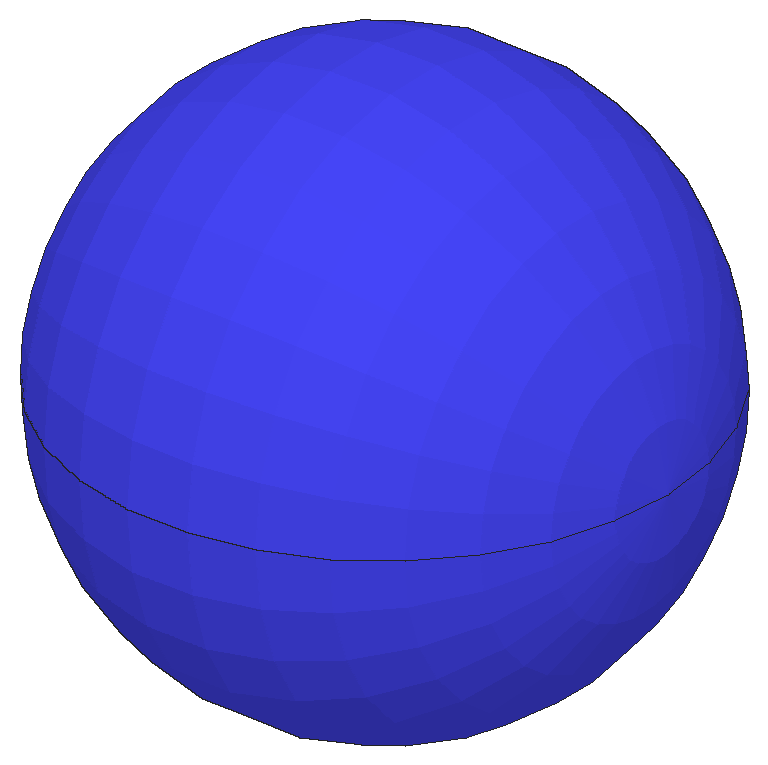
Revit family "COG_Marker", category Generic Models, Revit 2026
Family settings
  Can host rebar = No
  Round Connector Dimension = Use Diameter
  Part Type = Normal
  Work Plane-Based = No
  Always vertical = Yes
  Cut with Voids When Loaded = No
  Maintain Annotation Orientation = No
  Shared = No
  Room Calculation Point = No
Parameters
  Offset = 200 mm
  Default Elevation = 0 mm
Reference planes
  plane 1 "Center (Front/Back)": y = 0
  plane 2: z = 0
  plane 3 "Center (Left/Right)": x = 0
Forms (mm)
  Revolve 1, solid, material "Poche"
    sketch origin (0, 0, 0) x (1, 0, 0) y (0, 1, 0)
      loop
        line (-200, 0) -> (200, 0)
        arc (200, 0) -> (0, 200) -> (-200, 0) r 200
      axis (-200, 0) -> (200, 0)
    angle from 0 to 360
Dimensions and locks
  "Offset": radius of Revolve 1 sketch curve
  aligned and locked: level to plane 2
Automatic sketch dimensions
  plane 1 "Center (Front/Back)" to Revolve 1 sketch curve = 0 mm  (x2)
  Revolve 1 sketch curve to plane 3 "Center (Left/Right)" = 0 mm
  Revolve 1 sketch curve to Revolve 1 sketch curve = 2.007 mm
  Revolve 1 sketch curve to Revolve 1 sketch curve = 4.036 mm
